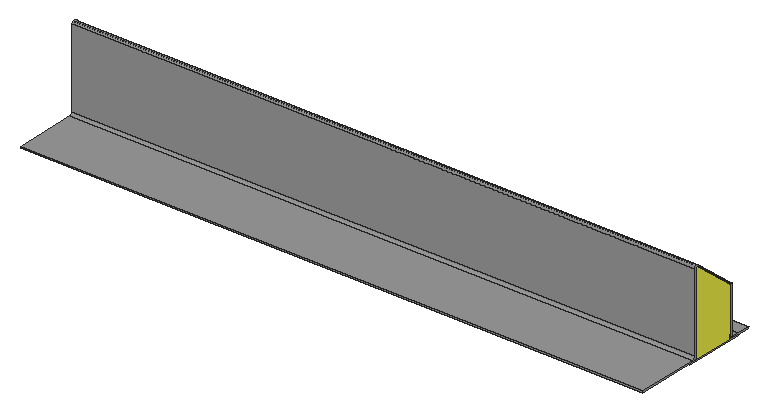
Revit family "EL K 90 WIL", category Generic Models, Revit 2014
Parameters (values of type "Max lintel length 2700mm")
  URL = "http://www.keystonelintels.co.uk"
  Structural Opening [instance] = 900 mm
  Structural Performance = "The Keystone lintel range has safe working loads as detailed in each applicable loading table in the Keystone Lintel Guide brochure. The structural performance figures within each table have been ascertained by testing in accordance with the requirements of standards BS EN 5977-2: 1983 and BS EN 845-2: 2003."
  RIBA Productor Selector = "available for Keystone Lintels Ltd from Keystone Lintels Ltd from ribaproductselector.com"
  Model = "EL/K 90 WIL"
  Min Length = 600 mm
  Min Clear Span = 300 mm
  Max Length = 2700 mm
  Max Clear Span = 2700 mm
  Material - Stainless Steel = "Grade 304 2b 1.4307 to BS EN 10088-2. Other grades available on request: contact manufacturer."
  Material - Galvanised Steel = "To BS EN 10346: 2009. DX51D plus Z600 or grade Z275 to BS 5977-2: 1983 (BS EN 845-2: 2003)."
  Manufacturer = "Keystone"
  Manufactured Length [instance] = (roundup(Effective Length / 150 mm) * 150 mm)  # 1200 mm
  Lintel height [instance] = 2100 mm
  Keynote = "F30/755"
  Fire Performance = "Keystone lintels have been subjected to a fire test (WARRES No. 101263) in accordance with BS 476-20: 1987, at Exova Warrington Fire and achieved a one hour fire performance."
  End Bearing = 150 mm
  Effective Length [instance] = Clear Opening with MIN MAX set + End Bearing * 2  # 1200 mm
  Corrosion = "Keystone’s standard range of lintels are manufactured from high quality grade pre-galvanized carbon steel with a zinc coating of 600"
  Contact Tel = "+44 (0)28 8676 2184"
  Contact Email = "info@keystonelintels.co.uk"
  Clear Opening with MIN MAX set [instance] = if(Structural Opening < Min Clear Span, Min Clear Span, (if(Structural Opening > Max Clear Span, Max Clear Span, Structural Opening)))  # 900 mm
  CPD Information = "Available for Keystone Lintels Ltd from ribacpd.com"
Reference planes
  plane 1 "Center (Front/Back)": y = 0
  plane 2: z = 0
  plane 3 "Center (Left/Right)": x = 0
  plane 4: x = -600
  plane 5: x = 600
  plane 6: z = 2100
  plane 7: x = -450
  plane 8: x = 450
Forms (mm)
  Extrusion 1, solid, material "Steel"
    sketch origin (0, 673.207, -528.946) x (0, 1, 0) y (0, 0, 1)
      loop
        line (-590.576, 2628.054) -> (-590.486, 2630.552) -> (-615.486, 2631.446) -> (-625.486, 2631.446)
        arc (-625.486, 2631.446) -> (-629.022, 2632.91) -> (-630.486, 2636.446) r 5
        line (-630.486, 2636.446) -> (-630.486, 2722.326)
        arc (-630.486, 2722.326) -> (-630.912, 2724.236) -> (-632.109, 2725.785) r 4.5
        line (-632.109, 2725.785) -> (-711.109, 2791.496)
        arc (-711.109, 2791.496) -> (-715.897, 2792.111) -> (-718.486, 2788.036) r 4.5
        line (-718.486, 2788.036) -> (-718.486, 2636.446)
        arc (-718.486, 2636.446) -> (-719.951, 2632.91) -> (-723.486, 2631.446) r 5
        line (-723.486, 2631.446) -> (-843.486, 2631.446) -> (-843.486, 2628.946) -> (-723.486, 2628.946)
        arc (-723.486, 2628.946) -> (-718.183, 2631.143) -> (-715.986, 2636.446) r 7.5
        line (-715.986, 2636.446) -> (-715.986, 2788.036)
        arc (-715.986, 2788.036) -> (-714.835, 2789.847) -> (-712.707, 2789.574) r 2
        line (-712.707, 2789.574) -> (-633.707, 2723.863)
        arc (-633.707, 2723.863) -> (-633.175, 2723.175) -> (-632.986, 2722.326) r 2
        line (-632.986, 2722.326) -> (-632.986, 2636.446)
        arc (-632.986, 2636.446) -> (-630.789, 2631.143) -> (-625.486, 2628.946) r 7.5
        line (-625.486, 2628.946) -> (-615.531, 2628.946) -> (-590.576, 2628.054)
    from -600 to 600
  Extrusion 2, solid, material "Steel"
    sketch origin (0, 673.207, -528.946) x (0, 1, 0) y (0, 0, 1)
      loop
        line (-616.943, 2627.946) -> (-616.943, 2628.946) -> (-633.943, 2628.946) -> (-633.943, 2636.946) -> (-634.943, 2636.946) -> (-634.943, 2628.946) -> (-731.943, 2628.946) -> (-731.943, 2627.946) -> (-616.943, 2627.946)
    from -600 to 600
  Extrusion 3, solid, material "Insulation"
    sketch origin (0, 673.207, -528.946) x (0, 1, 0) y (0, 0, 1)
      loop
        line (-723.486, 2628.946) -> (-634.943, 2628.946) -> (-634.943, 2636.946) -> (-633.943, 2636.946) -> (-633.943, 2628.946) -> (-625.486, 2628.946)
        arc (-625.486, 2628.946) -> (-630.789, 2631.143) -> (-632.986, 2636.446) r 7.5
        line (-632.986, 2636.446) -> (-632.986, 2722.326)
        arc (-632.986, 2722.326) -> (-633.175, 2723.175) -> (-633.707, 2723.863) r 2
        line (-633.707, 2723.863) -> (-712.707, 2789.574)
        arc (-712.707, 2789.574) -> (-714.835, 2789.847) -> (-715.986, 2788.036) r 2
        line (-715.986, 2788.036) -> (-715.986, 2636.446)
        arc (-715.986, 2636.446) -> (-718.183, 2631.143) -> (-723.486, 2628.946) r 7.5
    from -600 to 600
  Extrusion 4, solid, not visible
    sketch origin (0, 969.545, 1310.387) x (0, 1, 0) y (0, 0, 1)
      loop
        line (-590.576, 1028.054) -> (-590.486, 1030.552) -> (-615.486, 1031.446) -> (-625.486, 1031.446)
        arc (-625.486, 1031.446) -> (-629.022, 1032.91) -> (-630.486, 1036.446) r 5
        line (-630.486, 1036.446) -> (-630.486, 1122.326)
        arc (-630.486, 1122.326) -> (-630.912, 1124.236) -> (-632.109, 1125.785) r 4.5
        line (-632.109, 1125.785) -> (-711.109, 1191.496)
        arc (-711.109, 1191.496) -> (-715.897, 1192.111) -> (-718.486, 1188.036) r 4.5
        line (-718.486, 1188.036) -> (-718.486, 1036.446)
        arc (-718.486, 1036.446) -> (-719.951, 1032.91) -> (-723.486, 1031.446) r 5
        line (-723.486, 1031.446) -> (-843.486, 1031.446) -> (-843.486, 1028.946) -> (-723.486, 1028.946)
        arc (-723.486, 1028.946) -> (-718.183, 1031.143) -> (-715.986, 1036.446) r 7.5
        line (-715.986, 1036.446) -> (-715.986, 1188.036)
        arc (-715.986, 1188.036) -> (-714.835, 1189.847) -> (-712.707, 1189.574) r 2
        line (-712.707, 1189.574) -> (-633.707, 1123.863)
        arc (-633.707, 1123.863) -> (-633.175, 1123.175) -> (-632.986, 1122.326) r 2
        line (-632.986, 1122.326) -> (-632.986, 1036.446)
        arc (-632.986, 1036.446) -> (-630.789, 1031.143) -> (-625.486, 1028.946) r 7.5
        line (-625.486, 1028.946) -> (-615.531, 1028.946) -> (-590.576, 1028.054)
    from 0 to 250
  Extrusion 5, solid, not visible
    sketch origin (0, 376.186, 1316.327) x (0, 1, 0) y (0, 0, 1)
      loop
        line (-723.486, 1028.946) -> (-634.943, 1028.946) -> (-634.943, 1036.946) -> (-633.943, 1036.946) -> (-633.943, 1028.946) -> (-625.486, 1028.946)
        arc (-625.486, 1028.946) -> (-630.789, 1031.143) -> (-632.986, 1036.446) r 7.5
        line (-632.986, 1036.446) -> (-632.986, 1122.326)
        arc (-632.986, 1122.326) -> (-633.175, 1123.175) -> (-633.707, 1123.863) r 2
        line (-633.707, 1123.863) -> (-712.707, 1189.574)
        arc (-712.707, 1189.574) -> (-714.835, 1189.847) -> (-715.986, 1188.036) r 2
        line (-715.986, 1188.036) -> (-715.986, 1036.446)
        arc (-715.986, 1036.446) -> (-718.183, 1031.143) -> (-723.486, 1028.946) r 7.5
    from 0 to 250
  Extrusion 6, solid, not visible
    sketch origin (0, 976.691, 946.825) x (0, 1, 0) y (0, 0, 1)
      loop
        line (-616.943, 1027.946) -> (-616.943, 1028.946) -> (-633.943, 1028.946) -> (-633.943, 1036.946) -> (-634.943, 1036.946) -> (-634.943, 1028.946) -> (-731.943, 1028.946) -> (-731.943, 1027.946) -> (-616.943, 1027.946)
    from 0 to 250
Dimensions and locks
  equal spacing: plane 4, plane 3 "Center (Left/Right)", plane 5
  "Manufactured Length": plane 4 to plane 5
  "Lintel height": plane 6 to level
  "Structural Opening": plane 7 to plane 8
  equal spacing: plane 7, plane 3 "Center (Left/Right)", plane 8
  aligned and locked: level to plane 2
  aligned and locked: Extrusion 1 to plane 6
  aligned and locked: Extrusion 3 to plane 6
  aligned and locked: plane 6 to Extrusion 2
  aligned and locked: plane 5 to Extrusion 2
  aligned and locked: Extrusion 2 to plane 4
  aligned and locked: plane 5 to Extrusion 1
  aligned and locked: Extrusion 1 to plane 4
  aligned and locked: plane 5 to Extrusion 3
  aligned and locked: Extrusion 3 to plane 4
Automatic sketch dimensions
  Extrusion 1 sketch curve to Extrusion 1 sketch curve = 24.955 mm
  Extrusion 1 sketch curve to Extrusion 1 sketch curve = 0.089 mm
  Extrusion 1 sketch curve to Extrusion 1 sketch curve = 0.892 mm
  Extrusion 1 sketch curve to Extrusion 1 sketch curve = 0.045 mm
  Extrusion 1 sketch curve to Extrusion 1 sketch curve = 9.955 mm
  Extrusion 1 sketch curve to Extrusion 1 sketch curve = 5 mm  (x2)
  Extrusion 1 sketch curve to Extrusion 1 sketch curve = 85.88 mm
  Extrusion 1 sketch curve to Extrusion 1 sketch curve = 0 mm  (x17)
  Extrusion 1 sketch curve to Extrusion 1 sketch curve = 2 mm
  Extrusion 1 sketch curve to Extrusion 1 sketch curve = 0.721 mm
  Extrusion 1 sketch curve to Extrusion 1 sketch curve = 1.599 mm  (x2)
  Extrusion 1 sketch curve to Extrusion 1 sketch curve = 79 mm
  Extrusion 1 sketch curve to Extrusion 1 sketch curve = 65.711 mm
  Extrusion 1 sketch curve to Extrusion 1 sketch curve = 1.922 mm
  Extrusion 1 sketch curve to Extrusion 1 sketch curve = 1.279 mm
  Extrusion 1 sketch curve to Extrusion 1 sketch curve = 1.538 mm
  Extrusion 1 sketch curve to Extrusion 1 sketch curve = 120 mm
  Extrusion 2 sketch curve to Extrusion 2 sketch curve = 115 mm
  Extrusion 2 sketch curve to Extrusion 2 sketch curve = 1 mm  (x2)
  Extrusion 2 sketch curve to Extrusion 2 sketch curve = 17 mm
  Extrusion 2 sketch curve to Extrusion 2 sketch curve = 8 mm
  Extrusion 2 sketch curve to Extrusion 2 sketch curve = 0 mm
  Extrusion 3 sketch curve to Extrusion 3 sketch curve = 88.543 mm
  Extrusion 3 sketch curve to Extrusion 3 sketch curve = 8 mm
  Extrusion 3 sketch curve to Extrusion 3 sketch curve = 1 mm
  Extrusion 3 sketch curve to Extrusion 3 sketch curve = 0 mm  (x2)
  Extrusion 3 sketch curve to Extrusion 3 sketch curve = 8.457 mm  (x2)
  Extrusion 3 sketch curve to Extrusion 3 sketch curve = 7.5 mm  (x4)
  Extrusion 3 sketch curve to Extrusion 3 sketch curve = 85.38 mm
  Extrusion 3 sketch curve to Extrusion 3 sketch curve = 2 mm
  Extrusion 3 sketch curve to Extrusion 3 sketch curve = 0.721 mm
  Extrusion 3 sketch curve to Extrusion 3 sketch curve = 79 mm
  Extrusion 3 sketch curve to Extrusion 3 sketch curve = 65.711 mm
  Extrusion 3 sketch curve to Extrusion 3 sketch curve = 1.538 mm
  Extrusion 4 sketch curve to Extrusion 4 sketch curve = 24.955 mm
  Extrusion 4 sketch curve to Extrusion 4 sketch curve = 0.089 mm
  Extrusion 4 sketch curve to Extrusion 4 sketch curve = 0.892 mm
  Extrusion 4 sketch curve to Extrusion 4 sketch curve = 0.045 mm
  Extrusion 4 sketch curve to Extrusion 4 sketch curve = 9.955 mm
  Extrusion 4 sketch curve to Extrusion 4 sketch curve = 5 mm  (x2)
  Extrusion 4 sketch curve to Extrusion 4 sketch curve = 85.88 mm
  Extrusion 4 sketch curve to Extrusion 4 sketch curve = 0 mm  (x17)
  Extrusion 4 sketch curve to Extrusion 4 sketch curve = 2 mm
  Extrusion 4 sketch curve to Extrusion 4 sketch curve = 0.721 mm
  Extrusion 4 sketch curve to Extrusion 4 sketch curve = 1.599 mm  (x2)
  Extrusion 4 sketch curve to Extrusion 4 sketch curve = 79 mm
  Extrusion 4 sketch curve to Extrusion 4 sketch curve = 65.711 mm
  Extrusion 4 sketch curve to Extrusion 4 sketch curve = 1.922 mm
  Extrusion 4 sketch curve to Extrusion 4 sketch curve = 1.279 mm
  Extrusion 4 sketch curve to Extrusion 4 sketch curve = 1.538 mm
  Extrusion 4 sketch curve to Extrusion 4 sketch curve = 120 mm
  Extrusion 5 sketch curve to Extrusion 5 sketch curve = 88.543 mm
  Extrusion 5 sketch curve to Extrusion 5 sketch curve = 8 mm
  Extrusion 5 sketch curve to Extrusion 5 sketch curve = 1 mm
  Extrusion 5 sketch curve to Extrusion 5 sketch curve = 0 mm  (x2)
  Extrusion 5 sketch curve to Extrusion 5 sketch curve = 8.457 mm  (x2)
  Extrusion 5 sketch curve to Extrusion 5 sketch curve = 7.5 mm  (x4)
  Extrusion 5 sketch curve to Extrusion 5 sketch curve = 85.38 mm
  Extrusion 5 sketch curve to Extrusion 5 sketch curve = 2 mm
  Extrusion 5 sketch curve to Extrusion 5 sketch curve = 0.721 mm
  Extrusion 5 sketch curve to Extrusion 5 sketch curve = 79 mm
  Extrusion 5 sketch curve to Extrusion 5 sketch curve = 65.711 mm
  Extrusion 5 sketch curve to Extrusion 5 sketch curve = 1.538 mm
  Extrusion 6 sketch curve to Extrusion 6 sketch curve = 115 mm
  Extrusion 6 sketch curve to Extrusion 6 sketch curve = 1 mm  (x2)
  Extrusion 6 sketch curve to Extrusion 6 sketch curve = 17 mm
  Extrusion 6 sketch curve to Extrusion 6 sketch curve = 8 mm
  Extrusion 6 sketch curve to Extrusion 6 sketch curve = 0 mm
  Extrusion 3 sketch curve to plane 6 = 0 mm
  plane 1 "Center (Front/Back)" to Extrusion 3 sketch curve = 50.279 mm
  Extrusion 1 sketch curve to plane 6 = 0 mm
  plane 1 "Center (Front/Back)" to Extrusion 1 sketch curve = 170.279 mm
  Extrusion 2 sketch curve to plane 6 = 0 mm
  plane 1 "Center (Front/Back)" to Extrusion 2 sketch curve = 58.736 mm
